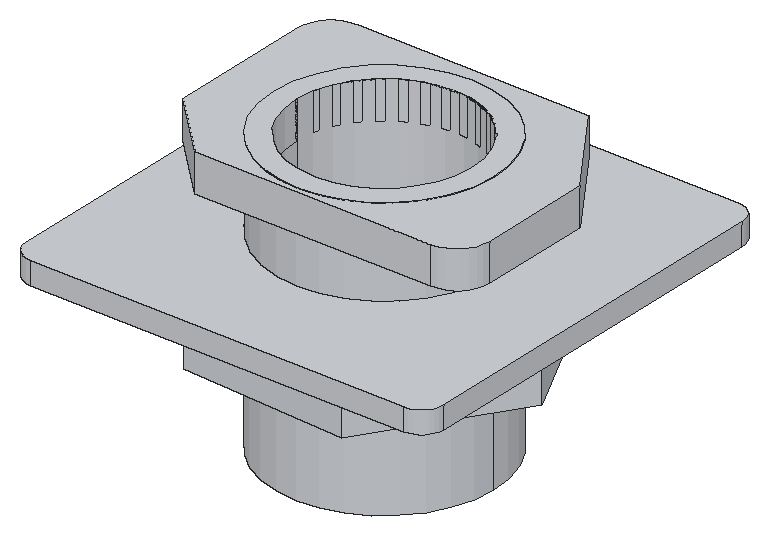
Revit family "MP46", category Generic Models, Revit 2017
Family settings
  Can host rebar = No
  Round Connector Dimension = Use Diameter
  Part Type = Normal
  Work Plane-Based = Yes
  Always vertical = No
  Cut with Voids When Loaded = No
  Shared = No
  Room Calculation Point = No
Parameters (values of type "NBS Standard Parameters")
  Weight = "0.047Kg"
  WarrantyStartDate [instance] = "1900-12-31T23:59:59"
  WarrantyGuarantorParts = "n/a"
  WarrantyGuarantorLabor = "n/a"
  WarrantyDurationUnit = "1 year"
  WarrantyDurationParts = "n/a"
  WarrantyDurationLabor = "n/a"
  WarrantyDescription = "n/a"
  Version = "1"
  Uniclass2 = "Pr_65_70_11_19"
  TagNumber [instance] = "n/a"
  SustainabilityPerformance = "n/a"
  Size = "n/a"
  Shape = "Circular"
  SerialNumber [instance] = "n/a"
  Revision = "n/a"
  ReplacementCost = "n/a"
  ProductInformation = "www.metpro.co.uk/pdf/mp46.pdf"
  NominalWidth = 38 mm
  NominalLength = 38 mm
  NominalHeight = 32 mm
  Name = ""
  NBSTypeID = ""
  NBSReference = "90-55-10/305"
  NBSOfficeMasterTag = ""
  NBSNote = ""
  NBSDescription = "Channel Cable Supports"
  NBSCertification = ""
  ModelReference = "MP46"
  ModelNumber = "n/a"
  Material = "Cast Body, Pressed Steel Plate and Nut"
  ManufacturerURL = "www.metpro.co.uk"
  ManufacturerName = "Metpro Ltd"
  Keynote = "Compliant to LU Standard 1-085"
  InstallationDate [instance] = "1900-12-31T23:59:59"
  IfcExportType = ""
  IfcExportAs = ""
  Grade = "n/a"
  Finish = "Hot Dipped Galvanised"
  Features = "n/a"
  ExpectedLife = "n/a"
  DurationUnit = "year"
  Description = "MP46 Suspension Unit"
  Default Elevation = 1219.2 mm
  Constituents = "n/a"
  Color = "n/a"
  CodePerformance = "n/a"
  Category = "n/a"
  BarCode [instance] = "n/a"
  BIMObjectName = "metpro_metprolibrary_channelcablesupports_channelbrackets"
  Author = "Metpro Ltd"
  AssetType = ""
  AssetIdentifier [instance] = "n/a"
  AccessibilityPerformance = "n/a"
Reference planes
  plane 1 "Center (Front/Back)": y = 0
  plane 2: z = 0
  plane 3 "Center (Left/Right)": x = 0
Forms (mm)
  Extrusion 1, solid
    sketch origin (68, 33.982, 9.56) x (-1, 0, 0) y (0, -1, 0)
      loop
        arc (32, 33) -> (30.586, 32.414) -> (30, 31) r 2
        line (30, 31) -> (30, -3)
        arc (30, -3) -> (30.586, -4.414) -> (32, -5) r 2
        line (32, -5) -> (66, -5)
        arc (66, -5) -> (67.414, -4.414) -> (68, -3) r 2
        line (68, -3) -> (68, 31)
        arc (68, 31) -> (67.414, 32.414) -> (66, 33) r 2
        line (66, 33) -> (32, 33)
      loop
        circle (49, 14) r 10
    from 0 to 2
  Extrusion 2, solid
    sketch origin (68, 33.982, 9.56) x (-1, 0, 0) y (0, -1, 0)
      loop
        circle (49, 14) r 10
    from -15.542 to 10
  Extrusion 3, solid
    sketch origin (68, 33.982, 19.56) x (-1, 0, 0) y (0, -1, 0)
      loop
        circle (49, 14) r 8
      loop
        line (33.375, 21.493) -> (33.375, 11.25) -> (39.275, 2.823) -> (60.375, 2.823)
        arc (60.375, 2.823) -> (62.496, 3.702) -> (63.375, 5.823) r 3
        line (63.375, 5.823) -> (63.375, 19) -> (57.882, 24.493) -> (36.375, 24.493)
        arc (36.375, 24.493) -> (34.254, 23.615) -> (33.375, 21.493) r 3
    from -3.389 to 0
  Extrusion 4, void
    sketch origin (68, 33.982, -5.982) x (-1, 0, 0) y (0, -1, 0)
      loop
        circle (49, 14) r 8
    from 0 to 39.964
  Extrusion 5, solid
    sketch origin (68, 33.982, -5.982) x (0, -1, 0) y (-1, 0, 0)
      loop
        circle (14, 49) r 8
      loop
        line (27.365, 42.19) -> (26.58, 57.17) -> (13.215, 63.979) -> (0.635, 55.81) -> (1.42, 40.83) -> (14.785, 34.021) -> (27.365, 42.19)
    from -11.962 to -9.026
Cuts and joins
  Extrusion 4 cuts Extrusion 2
  Extrusion 4 cuts Extrusion 3
  Extrusion 4 cuts Extrusion 5
Dimensions and locks
  aligned and locked: level to plane 2
